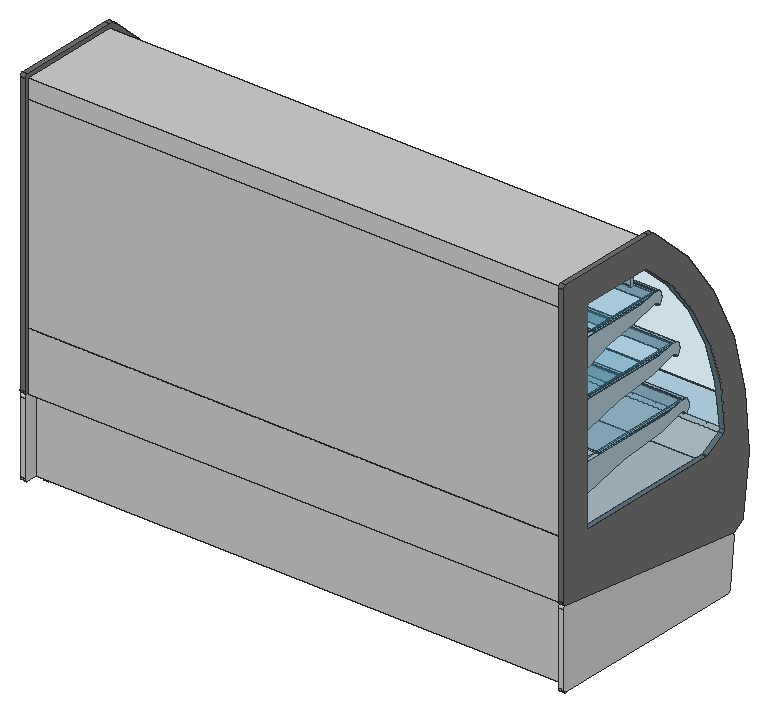
Revit family "QF_INFRICO_VBR18SS_250814034044", category Specialty Equipment, Revit 2021
Family settings
  Round Connector Dimension = Use Diameter
  Part Type = Normal
  OmniClass Number = 23.40.40.14
  OmniClass Title = Food Service Equipment
  Work Plane-Based = No
  Always vertical = Yes
  Cut with Voids When Loaded = No
  Shared = No
  Room Calculation Point = No
Parameters (values of type "VBR18SS")
  Weight [instance] = 0.00 kg
  Warranty Start Date [instance] = ""
  Warranty Duration [instance] = ""
  Volts [instance] = 230 V
  Volt Free Conn [instance] = no
  URL Recommended Spares List [instance] = ""
  URL Manufacturer [instance] = ""
  URL Cutsheet [instance] = ""
  URL Critical Spares List [instance] = ""
  URL = "www.infrico.com"
  Technical Documentation [instance] = ""
  Tag Number [instance] = ""
  Status [instance] = ""
  Start Up Current [instance] = 0 A
  Specification by User [instance] = ""
  Specification by Manufacturer [instance] = ""
  Sound Level [instance] = ""
  Show Logo [instance] = yes
  Show Clearances [instance] = yes
  Service Life Duration [instance] = ""
  Serial Number [instance] = ""
  Seismic Rating [instance] = ""
  SMACNA No [instance] = ""
  Revision Code [instance] = ""
  Revision [instance] = ""
  Production Year [instance] = ""
  Potential Equalisation [instance] = no
  Point Load [instance] = 0
  Phase [instance] = 1
  Other Equipment Approvals [instance] = ""
  Operational Current [instance] = 0 A
  Number of Poles [instance] = 2
  No Load Power Draw [instance] = no
  NAFEM Spec ID Number [instance] = ""
  Model Warning [instance] = ""
  Model = "VBR18SS"
  Min Ckt Ampacity [instance] = 0 A
  Max Overcurrent Protection [instance] = 0 A
  Masterspec [instance] = ""
  Manufacturer = "INFRICO"
  Main switch integrated [instance] = no
  Length Actual [instance] = 1875.028 mm
  Item Number [instance] = ""
  Installed By [instance] = ""
  Installation Date [instance] = ""
  Identify Quantity as Lot [instance] = no
  ID [instance] = ""
  Hygiene Approval [instance] = ""
  Height Actual [instance] = 1299.972 mm
  HP power [instance] = ""
  Furnished By [instance] = ""
  Foodservice Equipment Identifier [instance] = no
  FL Amps [instance] = 0 A
  Electrical Remarks [instance] = ""
  Electric power [instance] = 1340 W
  Electric Connection Type [instance] = ""
  Elec Conn RI Height [instance] = 0 mm
  Elec Conn Connection Height [instance] = 0 mm
  ETL Approved [instance] = no
  Description = "AMBAR SERIES - SELF SERVICE PASTRY DISPLAY CASE - R452"
  Depth Actual [instance] = 810.006 mm
  Default Elevation = 0 mm
  Cycle [instance] = 50 Hz
  Cost = 0
  Connection to energy optimisation system [instance] = yes
  Conn Plug [instance] = ""
  Conn Conduit [instance] = no
  Centralized building control system with digital interface [instance] = ""
  CSI MasterFormat [instance] = ""
  CE Approved [instance] = no
  Barcode [instance] = 0
  Author [instance] = ""
  Asset Identifier [instance] = ""
  Apparent Power [instance] = 1340 VA
  Accessory [instance] = no
Reference planes
  plane 1 "Center (Front/Back)": y = 0
  plane 2: z = 0
  plane 3 "Center (Left/Right)": x = 0
Forms (mm)
  Extrusion 1, solid, not visible
    sketch origin (0, 0, 2) x (1, 0, 0) y (0, 1, 0)
      loop
        line (-2, 2) -> (-2, -2) -> (2, -2) -> (2, 2) -> (-2, 2)
    from -2 to 2
Dimensions and locks
  locked: nested 2 to Extrusion 1 at 2  (x2)
  aligned and locked: level to plane 2
Nested families
  nested 1: "QF_INFRICO_VBR18SS_2920" at (0, 0, 0), type "VBR18SS"
    with Weight 0.00 kg, Warranty Start Date "", Warranty Duration "", URL Cutsheet "", Technical Documentation "", Tag Number "", Status "", Specification by User "", Specification by Manufacturer "", Sound Level "", Solid Fuel Type "", Show Logo yes, Show Clearances yes, Show Clearance yes, Service Life Duration "", Serial Number "", Seismic Rating "", SMACNA No "", Revision Code "", Revision "", Production Year "", Point Load 0, Other Equipment Approvals "", NAFEM Spec ID Number "", Model Warning "", Masterspec "", Length Actual 1875.028 mm, Item Number "", Installed By "", Installation Date "", Identify Quantity as Lot yes, ID "", Hygiene Approval "", Height Actual 1299.972 mm, Furnished By "", Foodservice Equipment Identifier yes, Finish none, ETL Approved yes, Depth Actual 810.006 mm, CSI MasterFormat "", CE Approved no, Barcode "", Author "", Asset Identifier "", Accessory no
  nested 2: "CONN_POINT_ELE_2D___Generic_Annotation" at (0, 0, 0), type "CONN_POINT_ELE_2D___Generic_Annotation"
    with Onboard connection annotation symbol visibility yes
Connectors
  electrical at (0, 0, 0), driven by "Apparent Power", driven by "Number of Poles", driven by "Volts"
    settings: on Extrusion 1, index 1, voltage 230 V, apparent load 0 VA, apparent load phase1 1340 VA, apparent load phase2 0 VA, apparent load phase3 0 VA, power factor 1, load classification "Other", number of poles 2, system type 31, power factor state 1, is connector primary yes, connector utility no, sub classification motor no, connector description "Electrical connection for VBR18SS"
Definition of nested family "QF_INFRICO_VBR18SS_2920"
  Parameters (values of type "VBR18SS")
    Weight [instance] = 0.00 kg
    Warranty Start Date [instance] = ""
    Warranty Duration [instance] = ""
    URL Cutsheet [instance] = ""
    URL = "www.infrico.com"
    Technical Documentation [instance] = ""
    Tag Number [instance] = ""
    Status [instance] = ""
    Specification by User [instance] = ""
    Specification by Manufacturer [instance] = ""
    Sound Level [instance] = ""
    Solid Fuel Type [instance] = ""
    Show Logo [instance] = yes
    Show Clearances [instance] = yes
    Show Clearance [instance] = yes
    Service Life Duration [instance] = ""
    Serial Number [instance] = ""
    Seismic Rating [instance] = ""
    SMACNA No [instance] = ""
    Revision Code [instance] = ""
    Revision [instance] = ""
    Production Year [instance] = ""
    Point Load [instance] = 0
    Other Equipment Approvals [instance] = ""
    NAFEM Spec ID Number [instance] = ""
    Model Warning [instance] = ""
    Model = "VBR18SS"
    Masterspec [instance] = ""
    Manufacturer = "INFRICO"
    Length Actual [instance] = 0 mm
    Item Number [instance] = ""
    Installed By [instance] = ""
    Installation Date [instance] = ""
    Identify Quantity as Lot [instance] = yes
    ID [instance] = ""
    Hygiene Approval [instance] = ""
    Height Actual [instance] = 0 mm
    Furnished By [instance] = ""
    Foodservice Equipment Identifier [instance] = yes
    Finish [instance] = none
    ETL Approved [instance] = yes
    Description = "AMBAR SERIES - SELF SERVICE PASTRY DISPLAY CASE - R452"
    Depth Actual [instance] = 0 mm
    Default Elevation = 0 mm
    CSI MasterFormat [instance] = ""
    CE Approved [instance] = yes
    Barcode [instance] = ""
    Author [instance] = ""
    Asset Identifier [instance] = ""
    Assembly Code = "E1090320"
    Accessory [instance] = yes
  Reference planes
    plane 1 "Back": y = 0
    plane 2: z = 0
    plane 3 "Left": x = 0
    plane 4 "Right": x = 1875
    plane 5 "Front": y = -810
    plane 6 "Top": z = 1300
  Forms (mm)
    Extrusion 1, solid
      sketch origin (-18, -810.003, 0) x (0, -1, 0) y (0, 0, -1)
        loop
          line (-100, -1190) -> (-100, -498)
          arc (-100, -498) -> (-102.929, -490.929) -> (-110, -488) r 10
          line (-110, -488) -> (-627, -488)
          arc (-627, -488) -> (-629.55, -488.252) -> (-632, -489) r 13
          line (-632, -489) -> (-702, -529)
          arc (-702, -529) -> (-705.756, -532.802) -> (-707, -538) r 9.937
          arc (-707, -538) -> (-606.573, -907.925) -> (-356, -1198) r 864.001
          arc (-356, -1198) -> (-353.158, -1199.473) -> (-350, -1200) r 10.273
          line (-350, -1200) -> (-110, -1200)
          arc (-110, -1200) -> (-102.929, -1197.071) -> (-100, -1190) r 10
      from 0 to 18
    Extrusion 2, solid
      sketch origin (-18, -810.003, 0) x (0, -1, 0) y (0, 0, -1)
        loop
          arc (-110, -1200) -> (-102.929, -1197.071) -> (-100, -1190) r 10
          line (-100, -1190) -> (-100, -498)
          arc (-100, -498) -> (-102.929, -490.929) -> (-110, -488) r 10
          line (-110, -488) -> (-627, -488)
          arc (-627, -488) -> (-629.55, -488.252) -> (-632, -489) r 13
          line (-632, -489) -> (-702, -529)
          arc (-702, -529) -> (-705.756, -532.802) -> (-707, -538) r 9.937
          arc (-707, -538) -> (-606.573, -907.925) -> (-356, -1198) r 864.001
          arc (-356, -1198) -> (-353.158, -1199.473) -> (-350, -1200) r 10.273
          line (-350, -1200) -> (-110, -1200)
        loop
          arc (-739, -197) -> (-742.074, -197.055) -> (-745, -198) r 10.476
          line (-745, -198) -> (-782, -219)
          arc (-782, -219) -> (-785.127, -222.608) -> (-787, -227) r 15.422
          arc (-787, -227) -> (-745, -815.202) -> (-398, -1292) r 1070.947
          arc (-398, -1292) -> (-385.08, -1297.958) -> (-371, -1300) r 49.563
          line (-371, -1300) -> (-10, -1300)
          arc (-10, -1300) -> (-2.929, -1297.071) -> (0, -1290) r 10
          line (0, -1290) -> (0, -302)
          arc (0, -302) -> (-2.651, -295.335) -> (-9, -292) r 10.337
          line (-9, -292) -> (-739, -197)
      from 0 to 18
    Extrusion 3, solid
      sketch origin (1875, -810.003, 0) x (0, -1, 0) y (0, 0, -1)
        loop
          line (-100, -1190) -> (-100, -498)
          arc (-100, -498) -> (-102.929, -490.929) -> (-110, -488) r 10
          line (-110, -488) -> (-627, -488)
          arc (-627, -488) -> (-629.55, -488.252) -> (-632, -489) r 13
          line (-632, -489) -> (-702, -529)
          arc (-702, -529) -> (-705.756, -532.802) -> (-707, -538) r 9.937
          arc (-707, -538) -> (-606.573, -907.925) -> (-356, -1198) r 864.001
          arc (-356, -1198) -> (-353.158, -1199.473) -> (-350, -1200) r 10.273
          line (-350, -1200) -> (-110, -1200)
          arc (-110, -1200) -> (-102.929, -1197.071) -> (-100, -1190) r 10
      from 0 to 18
    Extrusion 4, solid
      sketch origin (1875, -810.003, 0) x (0, -1, 0) y (0, 0, -1)
        loop
          arc (-110, -1200) -> (-102.929, -1197.071) -> (-100, -1190) r 10
          line (-100, -1190) -> (-100, -498)
          arc (-100, -498) -> (-102.929, -490.929) -> (-110, -488) r 10
          line (-110, -488) -> (-627, -488)
          arc (-627, -488) -> (-629.55, -488.252) -> (-632, -489) r 13
          line (-632, -489) -> (-702, -529)
          arc (-702, -529) -> (-705.756, -532.802) -> (-707, -538) r 9.937
          arc (-707, -538) -> (-606.573, -907.925) -> (-356, -1198) r 864.001
          arc (-356, -1198) -> (-353.158, -1199.473) -> (-350, -1200) r 10.273
          line (-350, -1200) -> (-110, -1200)
        loop
          arc (-739, -197) -> (-742.074, -197.055) -> (-745, -198) r 10.476
          line (-745, -198) -> (-782, -219)
          arc (-782, -219) -> (-785.127, -222.608) -> (-787, -227) r 15.422
          arc (-787, -227) -> (-745, -815.202) -> (-398, -1292) r 1070.947
          arc (-398, -1292) -> (-385.08, -1297.958) -> (-371, -1300) r 49.563
          line (-371, -1300) -> (-10, -1300)
          arc (-10, -1300) -> (-2.929, -1297.071) -> (0, -1290) r 10
          line (0, -1290) -> (0, -302)
          arc (0, -302) -> (-2.651, -295.335) -> (-9, -292) r 10.337
          line (-9, -292) -> (-739, -197)
      from 0 to 18
    Extrusion 5, solid, material <- "Finish"
      sketch origin (0, -810.003, -1) x (0, -1, 0) y (0, 0, -1)
        loop
          line (-739, -198) -> (-9, -293)
          arc (-9, -293) -> (-2.391, -289.898) -> (0, -283) r 9.392
          line (0, -283) -> (0, -29)
          arc (0, -29) -> (-2.929, -21.929) -> (-10, -19) r 10
          line (-10, -19) -> (-718, -19)
          arc (-718, -19) -> (-725.332, -22.2) -> (-727.972, -29.752) r 10
          line (-727.972, -29.752) -> (-746, -188)
          arc (-746, -188) -> (-744.394, -194.326) -> (-739, -198) r 9.212
      from -18 to 0
    Extrusion 6, solid, material <- "Finish"
      sketch origin (1893, -810.003, -1) x (0, -1, 0) y (0, 0, -1)
        loop
          line (-739, -198) -> (-9, -293)
          arc (-9, -293) -> (-2.391, -289.898) -> (0, -283) r 9.392
          line (0, -283) -> (0, -29)
          arc (0, -29) -> (-2.929, -21.929) -> (-10, -19) r 10
          line (-10, -19) -> (-718, -19)
          arc (-718, -19) -> (-725.332, -22.2) -> (-727.972, -29.752) r 10
          line (-727.972, -29.752) -> (-746, -188)
          arc (-746, -188) -> (-744.394, -194.326) -> (-739, -198) r 9.212
      from -18 to 0
    Extrusion 7, solid
      sketch origin (0, -750.003, 9) x (1, 0, 0) y (0, 1, 0)
        loop
          line (0, -0.02) -> (40, -0.02) -> (40, 39.98) -> (0, 39.98) -> (0, -0.02)
      from 0 to 9
    Extrusion 8, solid
      sketch origin (0, -170.003, 9) x (1, 0, 0) y (0, 1, 0)
        loop
          line (0, -0.02) -> (40, -0.02) -> (40, 39.98) -> (0, 39.98) -> (0, -0.02)
      from 0 to 9
    Extrusion 9, solid
      sketch origin (-898.549, 112.977, 0) x (-1, 0, 0) y (0, -1, 0)
        loop
          line (-903.549, 843) -> (-911.049, 855.99) -> (-926.049, 855.99) -> (-933.549, 843) -> (-926.049, 830.01) -> (-911.049, 830.01) -> (-903.549, 843)
      from 0 to 9
    Extrusion 10, solid
      sketch origin (-898.549, 692.977, 0) x (-1, 0, 0) y (0, -1, 0)
        loop
          line (-903.549, 843) -> (-911.049, 855.99) -> (-926.049, 855.99) -> (-933.549, 843) -> (-926.049, 830.01) -> (-911.049, 830.01) -> (-903.549, 843)
      from 0 to 9
    Extrusion 11, solid
      sketch origin (1835, -750.003, 9) x (1, 0, 0) y (0, 1, 0)
        loop
          line (0, -0.02) -> (40, -0.02) -> (40, 39.98) -> (0, 39.98) -> (0, -0.02)
      from 0 to 9
    Extrusion 12, solid
      sketch origin (1835, -170.003, 9) x (1, 0, 0) y (0, 1, 0)
        loop
          line (0, -0.02) -> (40, -0.02) -> (40, 39.98) -> (0, 39.98) -> (0, -0.02)
      from 0 to 9
    Extrusion 13, solid
      sketch origin (936.451, 112.977, 0) x (-1, 0, 0) y (0, -1, 0)
        loop
          line (-903.549, 843) -> (-911.049, 855.99) -> (-926.049, 855.99) -> (-933.549, 843) -> (-926.049, 830.01) -> (-911.049, 830.01) -> (-903.549, 843)
      from 0 to 9
    Extrusion 14, solid
      sketch origin (936.451, 692.977, 0) x (-1, 0, 0) y (0, -1, 0)
        loop
          line (-903.549, 843) -> (-911.049, 855.99) -> (-926.049, 855.99) -> (-933.549, 843) -> (-926.049, 830.01) -> (-911.049, 830.01) -> (-903.549, 843)
      from 0 to 9
    Extrusion 15, solid
      sketch origin (0, -810.003, 0) x (0, -1, 0) y (0, 0, -1)
        loop
          line (-59.98, -18) -> (-679.98, -18) -> (-679.98, -293) -> (-59.98, -293) -> (-59.98, -18)
      from 0 to 40
    Extrusion 16, solid
      sketch origin (1835, -810.003, 0) x (0, -1, 0) y (0, 0, -1)
        loop
          line (-59.98, -18) -> (-679.98, -18) -> (-679.98, -293) -> (-59.98, -293) -> (-59.98, -18)
      from 0 to 40
    Extrusion 17, solid
      sketch origin (0, -810.003, 0) x (0, -1, 0) y (0, 0, -1)
        loop
          line (-59.98, -18) -> (-59.98, -293) -> (-44.98, -293) -> (-44.98, -18) -> (-59.98, -18)
      from 0 to 1875
    Extrusion 18, solid
      sketch origin (0, -810.003, 0) x (0, -1, 0) y (0, 0, -1)
        loop
          line (-679.98, -278) -> (-679.98, -38) -> (-719.98, -38) -> (-719.98, -278) -> (-679.98, -278)
      from 0 to 40
    Extrusion 19, solid
      sketch origin (1835, -810.003, 0) x (0, -1, 0) y (0, 0, -1)
        loop
          line (-679.98, -278) -> (-679.98, -38) -> (-719.98, -38) -> (-719.98, -278) -> (-679.98, -278)
      from 0 to 40
    Extrusion 20, solid
      sketch origin (0, -810.003, 0) x (0, -1, 0) y (0, 0, -1)
        loop
          line (-9.98, -293) -> (-759.98, -293) -> (-759.98, -471) -> (-747.98, -471) -> (-747.98, -448) -> (-70.98, -448) -> (-70.98, -502) -> (-9.98, -502) -> (-9.98, -293)
      from 0 to 1875
    Extrusion 21, solid
      sketch origin (0, -810.003, 0) x (0, -1, 0) y (0, 0, -1)
        loop
          line (-747.98, -471) -> (-741.98, -471) -> (-741.98, -515) -> (-719.98, -515) -> (-628.98, -468) -> (-628.98, -448) -> (-630.98, -448) -> (-630.98, -466.782) -> (-720.466, -513) -> (-739.98, -513) -> (-739.98, -469) -> (-747.98, -469) -> (-747.98, -471)
      from 0 to 1875
    Extrusion 22, solid
      sketch origin (0, -810.003, 0) x (0, -1, 0) y (0, 0, -1)
        loop
          line (-626.98, -448) -> (-626.98, -469) -> (-121.98, -469) -> (-121.98, -448) -> (-626.98, -448)
      from 0 to 1875
    Extrusion 23, solid
      sketch origin (0, -810.003, 0) x (0, -1, 0) y (0, 0, -1)
        loop
          line (-110.98, -448) -> (-110.98, -1222) -> (-70.98, -1222) -> (-70.98, -448) -> (-110.98, -448)
      from 0 to 50
    Extrusion 24, solid
      sketch origin (1825, -810.003, 0) x (0, -1, 0) y (0, 0, -1)
        loop
          line (-110.98, -448) -> (-110.98, -1222) -> (-70.98, -1222) -> (-70.98, -448) -> (-110.98, -448)
      from 0 to 50
    Extrusion 25, solid
      sketch origin (1797, -810.003, 0) x (0, -1, 0) y (0, 0, -1)
        loop
          line (-9.98, -502) -> (-70.98, -502) -> (-70.98, -1222) -> (-9.98, -1222) -> (-9.98, -502)
      from -1797 to 78
    Extrusion 26, solid
      sketch origin (0, -810.003, 0) x (0, -1, 0) y (0, 0, -1)
        loop
          line (-9.98, -1288) -> (-9.98, -1222) -> (-288.98, -1222) -> (-288.98, -1276) -> (-353.98, -1276) -> (-353.98, -1260.029) -> (-372.98, -1241.029) -> (-372.98, -1229) -> (-354.98, -1229) -> (-354.98, -1217) -> (-384.98, -1217) -> (-384.98, -1246) -> (-365.98, -1265) -> (-365.98, -1288) -> (-9.98, -1288)
      from 0 to 1875
    Extrusion 27, solid
      sketch origin (0, -810.003, 0) x (0, -1, 0) y (0, 0, -1)
        loop
          line (-741.98, -621) -> (-741.98, -471) -> (-747.98, -471) -> (-747.98, -621) -> (-741.98, -621)
      from 0 to 937.5
    Extrusion 28, solid
      sketch origin (-510, -1507.887, 385.642) x (0, -0.939923, 0.341387) y (0, -0.341387, -0.939923)
        loop
          line (-1441.281, -155.749) -> (-1438.55, -163.269) -> (-1412.756, -181.562) -> (-1410.024, -189.081) -> (-1408.109, -188.385) -> (-1411.111, -180.118) -> (-1436.703, -162.496) -> (-1439.401, -155.067) -> (-1441.281, -155.749)
        loop
          line (-1423.188, -205.565) -> (-1420.457, -213.085) -> (-1394.662, -231.378) -> (-1391.931, -238.897) -> (-1390.015, -238.201) -> (-1393.018, -229.934) -> (-1418.61, -212.312) -> (-1421.308, -204.883) -> (-1423.188, -205.565)
      from 550 to 2345
    Extrusion 29, solid
      sketch origin (3, -810.003, 87) x (0, -1, 0) y (0, 0, -1)
        loop
          line (-110.98, -498) -> (-126.98, -498)
          arc (-126.98, -498) -> (-289.514, -532.928) -> (-454.98, -549) r 1448.355
          line (-454.98, -549) -> (-547.98, -574)
          arc (-547.98, -574) -> (-550.743, -573.659) -> (-552.98, -572) r 5.461
          line (-552.98, -572) -> (-560.98, -562)
          arc (-560.98, -562) -> (-563.98, -560.5) -> (-566.98, -562) r 3.75
          arc (-566.98, -562) -> (-573.98, -583) -> (-566.98, -604) r 35
          arc (-566.98, -604) -> (-565.216, -605.472) -> (-562.98, -606) r 5
          line (-562.98, -606) -> (-544.98, -606) -> (-487.98, -595) -> (-110.98, -595) -> (-110.98, -498)
      from 0 to 2
    Extrusion 30, solid
      sketch origin (3, -810.003, 283) x (0, -1, 0) y (0, 0, -1)
        loop
          line (-110.98, -498) -> (-126.98, -498)
          arc (-126.98, -498) -> (-269.288, -533.055) -> (-414.98, -549) r 1106.867
          line (-414.98, -549) -> (-507.98, -574)
          arc (-507.98, -574) -> (-510.743, -573.659) -> (-512.98, -572) r 5.461
          line (-512.98, -572) -> (-520.98, -562)
          arc (-520.98, -562) -> (-523.98, -560.5) -> (-526.98, -562) r 3.75
          arc (-526.98, -562) -> (-533.98, -583) -> (-526.98, -604) r 35
          arc (-526.98, -604) -> (-525.216, -605.472) -> (-522.98, -606) r 5
          line (-522.98, -606) -> (-504.98, -606) -> (-447.98, -595) -> (-110.98, -595) -> (-110.98, -498)
      from 0 to 2
    Extrusion 31, solid
      sketch origin (3, -810.003, 479) x (0, -1, 0) y (0, 0, -1)
        loop
          line (-110.98, -498) -> (-126.98, -498)
          arc (-126.98, -498) -> (-228.381, -534.099) -> (-334.98, -549) r 530.828
          line (-334.98, -549) -> (-427.98, -574)
          arc (-427.98, -574) -> (-430.743, -573.659) -> (-432.98, -572) r 5.461
          line (-432.98, -572) -> (-440.98, -562)
          arc (-440.98, -562) -> (-443.98, -560.5) -> (-446.98, -562) r 3.75
          arc (-446.98, -562) -> (-453.98, -583) -> (-446.98, -604) r 35
          arc (-446.98, -604) -> (-445.216, -605.472) -> (-442.98, -606) r 5
          line (-442.98, -606) -> (-424.98, -606) -> (-367.98, -595) -> (-110.98, -595) -> (-110.98, -498)
      from 0 to 2
    Extrusion 32, solid
      sketch origin (0, -810.003, 0) x (0, -1, 0) y (0, 0, -1)
        loop
          line (-183.98, -682) -> (-558.98, -682) -> (-558.98, -688) -> (-183.98, -688) -> (-183.98, -682)
      from 5 to 1870
    Extrusion 33, solid
      sketch origin (0, -850.003, 196) x (0, -1, 0) y (0, 0, -1)
        loop
          line (-183.98, -682) -> (-558.98, -682) -> (-558.98, -688) -> (-183.98, -688) -> (-183.98, -682)
      from 5 to 1870
    Extrusion 34, solid
      sketch origin (0, -830.003, 392) x (0, -1, 0) y (0, 0, -1)
        loop
          line (-183.98, -682) -> (-458.98, -682) -> (-458.98, -688) -> (-183.98, -688) -> (-183.98, -682)
      from 5 to 1870
    Extrusion 35, solid
      sketch origin (0, -810.003, 0) x (0, -1, 0) y (0, 0, -1)
        loop
          arc (-566.98, -691) -> (-565.216, -692.472) -> (-562.98, -693) r 5
          arc (-562.98, -693) -> (-561.498, -690.693) -> (-560.98, -688) r 7.25
          line (-560.98, -688) -> (-560.98, -649)
          arc (-560.98, -649) -> (-563.98, -647.5) -> (-566.98, -649) r 3.75
          arc (-566.98, -649) -> (-573.98, -670) -> (-566.98, -691) r 35
      from 5 to 1870
    Extrusion 36, solid
      sketch origin (0, -850.003, 196) x (0, -1, 0) y (0, 0, -1)
        loop
          arc (-566.98, -691) -> (-565.216, -692.472) -> (-562.98, -693) r 5
          arc (-562.98, -693) -> (-561.498, -690.693) -> (-560.98, -688) r 7.25
          line (-560.98, -688) -> (-560.98, -649)
          arc (-560.98, -649) -> (-563.98, -647.5) -> (-566.98, -649) r 3.75
          arc (-566.98, -649) -> (-573.98, -670) -> (-566.98, -691) r 35
      from 5 to 1870
    Extrusion 37, solid
      sketch origin (0, -930.003, 392) x (0, -1, 0) y (0, 0, -1)
        loop
          arc (-566.98, -691) -> (-565.216, -692.472) -> (-562.98, -693) r 5
          arc (-562.98, -693) -> (-561.498, -690.693) -> (-560.98, -688) r 7.25
          line (-560.98, -688) -> (-560.98, -649)
          arc (-560.98, -649) -> (-563.98, -647.5) -> (-566.98, -649) r 3.75
          arc (-566.98, -649) -> (-573.98, -670) -> (-566.98, -691) r 35
      from 5 to 1870
    Extrusion 38, solid
      sketch origin (21, -810.003, 479) x (0, -1, 0) y (0, 0, -1)
        loop
          line (-110.98, -498) -> (-126.98, -498)
          arc (-126.98, -498) -> (-228.381, -534.099) -> (-334.98, -549) r 530.828
          line (-334.98, -549) -> (-427.98, -574)
          arc (-427.98, -574) -> (-430.743, -573.659) -> (-432.98, -572) r 5.461
          line (-432.98, -572) -> (-440.98, -562) -> (-440.98, -595) -> (-110.98, -595) -> (-110.98, -498)
      from 0 to 2
    Extrusion 39, solid
      sketch origin (0, -810.003, 0) x (0, -1, 0) y (0, 0, -1)
        loop
          line (-110.98, -1074) -> (-110.98, -1072) -> (-440.98, -1072) -> (-440.98, -1074) -> (-110.98, -1074)
      from 5 to 21
    Extrusion 40, solid
      sketch origin (21, -810.003, 283) x (0, -1, 0) y (0, 0, -1)
        loop
          line (-110.98, -498) -> (-126.98, -498)
          arc (-126.98, -498) -> (-269.288, -533.055) -> (-414.98, -549) r 1106.867
          line (-414.98, -549) -> (-507.98, -574)
          arc (-507.98, -574) -> (-510.743, -573.659) -> (-512.98, -572) r 5.461
          line (-512.98, -572) -> (-520.98, -562) -> (-520.98, -595) -> (-110.98, -595) -> (-110.98, -498)
      from 0 to 2
    Extrusion 41, solid
      sketch origin (0, -810.003, -196) x (0, -1, 0) y (0, 0, -1)
        loop
          line (-110.98, -1074) -> (-110.98, -1072) -> (-520.98, -1072) -> (-520.98, -1074) -> (-110.98, -1074)
      from 5 to 21
    Extrusion 42, solid
      sketch origin (21, -810.003, 87) x (0, -1, 0) y (0, 0, -1)
        loop
          line (-110.98, -498) -> (-126.98, -498)
          arc (-126.98, -498) -> (-289.514, -532.928) -> (-454.98, -549) r 1448.355
          line (-454.98, -549) -> (-547.98, -574)
          arc (-547.98, -574) -> (-550.743, -573.659) -> (-552.98, -572) r 5.461
          line (-552.98, -572) -> (-560.98, -562) -> (-560.98, -595) -> (-110.98, -595) -> (-110.98, -498)
      from 0 to 2
    Extrusion 43, solid
      sketch origin (0, -810.003, -392) x (0, -1, 0) y (0, 0, -1)
        loop
          line (-110.98, -1074) -> (-110.98, -1072) -> (-560.98, -1072) -> (-560.98, -1074) -> (-110.98, -1074)
      from 5 to 21
    Extrusion 44, solid
      sketch origin (1872, -810.003, 87) x (0, -1, 0) y (0, 0, 1)
        loop
          line (-110.98, 498) -> (-110.98, 595) -> (-487.98, 595) -> (-544.98, 606) -> (-562.98, 606)
          arc (-562.98, 606) -> (-565.216, 605.472) -> (-566.98, 604) r 5
          arc (-566.98, 604) -> (-573.98, 583) -> (-566.98, 562) r 35
          arc (-566.98, 562) -> (-563.98, 560.5) -> (-560.98, 562) r 3.75
          line (-560.98, 562) -> (-552.98, 572)
          arc (-552.98, 572) -> (-550.743, 573.659) -> (-547.98, 574) r 5.461
          line (-547.98, 574) -> (-454.98, 549)
          arc (-454.98, 549) -> (-289.514, 532.928) -> (-126.98, 498) r 1448.355
          line (-126.98, 498) -> (-110.98, 498)
      from 0 to 2
    Extrusion 45, solid
      sketch origin (1872, -810.003, 283) x (0, -1, 0) y (0, 0, 1)
        loop
          line (-110.98, 498) -> (-110.98, 595) -> (-447.98, 595) -> (-504.98, 606) -> (-522.98, 606)
          arc (-522.98, 606) -> (-525.216, 605.472) -> (-526.98, 604) r 5
          arc (-526.98, 604) -> (-533.98, 583) -> (-526.98, 562) r 35
          arc (-526.98, 562) -> (-523.98, 560.5) -> (-520.98, 562) r 3.75
          line (-520.98, 562) -> (-512.98, 572)
          arc (-512.98, 572) -> (-510.743, 573.659) -> (-507.98, 574) r 5.461
          line (-507.98, 574) -> (-414.98, 549)
          arc (-414.98, 549) -> (-269.288, 533.055) -> (-126.98, 498) r 1106.867
          line (-126.98, 498) -> (-110.98, 498)
      from 0 to 2
    Extrusion 46, solid
      sketch origin (1872, -810.003, 479) x (0, -1, 0) y (0, 0, 1)
        loop
          line (-110.98, 498) -> (-110.98, 595) -> (-367.98, 595) -> (-424.98, 606) -> (-442.98, 606)
          arc (-442.98, 606) -> (-445.216, 605.472) -> (-446.98, 604) r 5
          arc (-446.98, 604) -> (-453.98, 583) -> (-446.98, 562) r 35
          arc (-446.98, 562) -> (-443.98, 560.5) -> (-440.98, 562) r 3.75
          line (-440.98, 562) -> (-432.98, 572)
          arc (-432.98, 572) -> (-430.743, 573.659) -> (-427.98, 574) r 5.461
          line (-427.98, 574) -> (-334.98, 549)
          arc (-334.98, 549) -> (-228.381, 534.099) -> (-126.98, 498) r 530.828
          line (-126.98, 498) -> (-110.98, 498)
      from 0 to 2
    Extrusion 47, solid
      sketch origin (1854, -810.003, 479) x (0, -1, 0) y (0, 0, 1)
        loop
          line (-110.98, 498) -> (-110.98, 595) -> (-440.98, 595) -> (-440.98, 562) -> (-432.98, 572)
          arc (-432.98, 572) -> (-430.743, 573.659) -> (-427.98, 574) r 5.461
          line (-427.98, 574) -> (-334.98, 549)
          arc (-334.98, 549) -> (-228.381, 534.099) -> (-126.98, 498) r 530.828
          line (-126.98, 498) -> (-110.98, 498)
      from 0 to 2
    Extrusion 48, solid
      sketch origin (1875, -810.003, 0) x (0, -1, 0) y (0, 0, 1)
        loop
          line (-110.98, 1074) -> (-440.98, 1074) -> (-440.98, 1072) -> (-110.98, 1072) -> (-110.98, 1074)
      from 5 to 21
    Extrusion 49, solid
      sketch origin (1854, -810.003, 283) x (0, -1, 0) y (0, 0, 1)
        loop
          line (-110.98, 498) -> (-110.98, 595) -> (-520.98, 595) -> (-520.98, 562) -> (-512.98, 572)
          arc (-512.98, 572) -> (-510.743, 573.659) -> (-507.98, 574) r 5.461
          line (-507.98, 574) -> (-414.98, 549)
          arc (-414.98, 549) -> (-269.288, 533.055) -> (-126.98, 498) r 1106.867
          line (-126.98, 498) -> (-110.98, 498)
      from 0 to 2
    Extrusion 50, solid
      sketch origin (1875, -810.003, -196) x (0, -1, 0) y (0, 0, 1)
        loop
          line (-110.98, 1074) -> (-520.98, 1074) -> (-520.98, 1072) -> (-110.98, 1072) -> (-110.98, 1074)
      from 5 to 21
    Extrusion 51, solid
      sketch origin (1854, -810.003, 87) x (0, -1, 0) y (0, 0, 1)
        loop
          line (-110.98, 498) -> (-110.98, 595) -> (-560.98, 595) -> (-560.98, 562) -> (-552.98, 572)
          arc (-552.98, 572) -> (-550.743, 573.659) -> (-547.98, 574) r 5.461
          line (-547.98, 574) -> (-454.98, 549)
          arc (-454.98, 549) -> (-289.514, 532.928) -> (-126.98, 498) r 1448.355
          line (-126.98, 498) -> (-110.98, 498)
      from 0 to 2
    Extrusion 52, solid
      sketch origin (1875, -810.003, -392) x (0, -1, 0) y (0, 0, 1)
        loop
          line (-110.98, 1074) -> (-560.98, 1074) -> (-560.98, 1072) -> (-110.98, 1072) -> (-110.98, 1074)
      from 5 to 21
    Extrusion 53, solid
      sketch origin (0, -810.003, 0) x (0, -1, 0) y (0, 0, -1)
        loop
          line (-59.98, -18) -> (-99.98, -18) -> (-99.98, -38) -> (-59.98, -38) -> (-59.98, -18)
      from 40 to 1835
    Extrusion 54, solid
      sketch origin (0, -230.003, 0) x (0, -1, 0) y (0, 0, -1)
        loop
          line (-59.98, -18) -> (-99.98, -18) -> (-99.98, -38) -> (-59.98, -38) -> (-59.98, -18)
      from 40 to 1835
    Extrusion 55, solid, material <- "Finish"
      sketch origin (0, -810.003, 0) x (0, -1, 0) y (0, 0, -1)
        loop
          line (-769.98, -438) -> (-759.945, -218.229) -> (-778.925, -217.362) -> (-788.96, -437.133) -> (-769.98, -438)
      from 0 to 1875
    Extrusion 56, solid
      sketch origin (0, -810.003, 0) x (0, -1, 0) y (0, 0, -1)
        loop
          line (-747.98, -471) -> (-759.98, -471) -> (-789.173, -441.806) -> (-788.489, -426.822) -> (-790.487, -426.731) -> (-791.212, -442.597) -> (-760.808, -473) -> (-747.98, -473) -> (-747.98, -471)
      from 0 to 1875
    Extrusion 57, solid, visible <- "Show Logo"
      sketch origin (1362.72, -52.93, -305.042) x (-1, 0, 0) y (0, -0.045615, -0.998959)
        loop
          line (1208.799, -696.53) -> (1204.173, -696.53) -> (1204.173, -719.204) -> (1208.799, -719.204) -> (1208.799, -696.53)
        loop
          arc (1214.779, -713.006) -> (1215.36, -712.765) -> (1215.601, -712.184) r 0.822
          line (1215.601, -712.184) -> (1215.669, -711.361)
          arc (1215.669, -711.361) -> (1218.282, -712.674) -> (1221.141, -713.281) r 11.435
          arc (1221.141, -713.281) -> (1224.637, -712.075) -> (1226.121, -708.689) r 4.607
          line (1226.121, -708.689) -> (1226.121, -696.53) -> (1221.598, -696.53) -> (1221.598, -707.557)
          arc (1221.598, -707.557) -> (1220.929, -708.961) -> (1219.417, -709.324) r 1.806
          arc (1219.417, -709.324) -> (1217.528, -708.741) -> (1215.772, -707.832) r 11.052
          line (1215.772, -707.832) -> (1215.772, -696.53) -> (1211.283, -696.53) -> (1211.283, -713.006) -> (1214.779, -713.006)
        loop
          line (1238.557, -720.102) -> (1238.557, -717.255)
          arc (1238.557, -717.255) -> (1238.306, -716.65) -> (1237.7, -716.399) r 0.857
          line (1237.7, -716.399) -> (1236.045, -716.271)
          arc (1236.045, -716.271) -> (1234.956, -715.705) -> (1234.547, -714.548) r 1.67
          line (1234.547, -714.548) -> (1234.547, -712.938) -> (1238.249, -712.938) -> (1238.249, -709.374) -> (1234.547, -709.374) -> (1234.547, -696.53) -> (1230.024, -696.53) -> (1230.024, -709.374) -> (1227.351, -709.374) -> (1227.351, -712.703) -> (1230.024, -712.909) -> (1230.024, -715.062)
          arc (1230.024, -715.062) -> (1230.805, -717.616) -> (1232.881, -719.297) r 4.567
          arc (1232.881, -719.297) -> (1235.052, -719.926) -> (1237.306, -720.102) r 11.103
          line (1237.306, -720.102) -> (1238.557, -720.102)
        loop
          line (1239.479, -713.006) -> (1243.726, -713.006) -> (1243.899, -710.984)
          arc (1243.899, -710.984) -> (1246.197, -712.588) -> (1248.912, -713.28) r 7.833
          arc (1248.912, -713.28) -> (1249.531, -713.061) -> (1249.793, -712.458) r 0.824
          line (1249.793, -712.458) -> (1249.793, -710.265)
          arc (1249.793, -710.265) -> (1249.643, -709.758) -> (1249.241, -709.416) r 0.928
          line (1249.241, -709.416) -> (1248.077, -709.268)
          arc (1248.077, -709.268) -> (1245.873, -708.631) -> (1243.968, -707.352) r 7.435
          line (1243.968, -707.352) -> (1243.968, -696.53) -> (1239.479, -696.53) -> (1239.479, -713.006)
        loop
          line (1255.495, -696.53) -> (1251.006, -696.53) -> (1251.006, -713.006) -> (1255.495, -713.006) -> (1255.495, -696.53)
        loop
          line (1257.421, -701.327) -> (1257.421, -708.243)
          arc (1257.421, -708.243) -> (1258.571, -711.349) -> (1261.466, -712.959) r 4.772
          arc (1261.466, -712.959) -> (1264.493, -713.294) -> (1267.521, -712.959) r 13.851
          arc (1267.521, -712.959) -> (1270.524, -710.556) -> (1271.505, -706.838) r 6.132
          line (1271.505, -706.838) -> (1267.187, -706.838) -> (1267.187, -707.9)
          arc (1267.187, -707.9) -> (1266.64, -709.118) -> (1265.442, -709.705) r 1.965
          arc (1265.442, -709.705) -> (1264.547, -709.754) -> (1263.653, -709.705) r 8.196
          arc (1263.653, -709.705) -> (1262.417, -709.155) -> (1261.91, -707.9) r 1.806
          line (1261.91, -707.9) -> (1261.91, -701.67)
          arc (1261.91, -701.67) -> (1262.417, -700.415) -> (1263.653, -699.865) r 1.806
          arc (1263.653, -699.865) -> (1264.547, -699.816) -> (1265.442, -699.865) r 8.196
          arc (1265.442, -699.865) -> (1266.64, -700.452) -> (1267.187, -701.67) r 1.965
          line (1267.187, -701.67) -> (1267.187, -703.041) -> (1271.505, -703.041)
          arc (1271.505, -703.041) -> (1270.575, -699.134) -> (1267.521, -696.525) r 6.481
          arc (1267.521, -696.525) -> (1264.493, -696.266) -> (1261.466, -696.525) r 17.816
          arc (1261.466, -696.525) -> (1258.567, -698.188) -> (1257.421, -701.327) r 4.873
        loop
          line (1272.916, -701.329) -> (1272.916, -708.242)
          arc (1272.916, -708.242) -> (1273.993, -711.226) -> (1276.726, -712.837) r 4.676
          arc (1276.726, -712.837) -> (1278.515, -713.116) -> (1280.318, -713.28) r 28.371
          arc (1280.318, -713.28) -> (1282.122, -713.116) -> (1283.911, -712.837) r 28.371
          arc (1283.911, -712.837) -> (1286.644, -711.226) -> (1287.72, -708.242) r 4.676
          line (1287.72, -708.242) -> (1287.72, -701.329)
          arc (1287.72, -701.329) -> (1286.644, -698.345) -> (1283.911, -696.734) r 4.676
          arc (1283.911, -696.734) -> (1282.122, -696.455) -> (1280.318, -696.291) r 28.371
          arc (1280.318, -696.291) -> (1278.515, -696.455) -> (1276.726, -696.734) r 28.371
          arc (1276.726, -696.734) -> (1273.993, -698.345) -> (1272.916, -701.329) r 4.676
        loop
          arc (1277.405, -707.866) -> (1277.844, -709.015) -> (1278.936, -709.58) r 1.725
          arc (1278.936, -709.58) -> (1279.627, -709.653) -> (1280.318, -709.716) r 46.133
          arc (1280.318, -709.716) -> (1281.01, -709.653) -> (1281.701, -709.58) r 46.133
          arc (1281.701, -709.58) -> (1282.793, -709.015) -> (1283.231, -707.866) r 1.725
          line (1283.231, -707.866) -> (1283.231, -701.705)
          arc (1283.231, -701.705) -> (1282.793, -700.556) -> (1281.701, -699.991) r 1.725
          arc (1281.701, -699.991) -> (1281.01, -699.918) -> (1280.318, -699.856) r 46.133
          arc (1280.318, -699.856) -> (1279.627, -699.918) -> (1278.936, -699.991) r 46.133
          arc (1278.936, -699.991) -> (1277.844, -700.556) -> (1277.405, -701.705) r 1.725
          line (1277.405, -701.705) -> (1277.405, -707.866)
        loop
          line (1190.339, -696.543) -> (1170.042, -696.543)
          arc (1170.042, -696.543) -> (1168.969, -696.987) -> (1168.525, -698.059) r 1.516
          line (1168.525, -698.059) -> (1168.525, -703.891) -> (1164.346, -703.891)
          arc (1164.346, -703.891) -> (1163.591, -704.121) -> (1163.163, -704.782) r 1.147
          line (1163.163, -704.782) -> (1163.163, -706.211)
          arc (1163.163, -706.211) -> (1163.594, -707.258) -> (1164.662, -707.634) r 1.385
          line (1164.662, -707.634) -> (1165.861, -707.634) -> (1163.163, -710.332)
          arc (1163.163, -710.332) -> (1162.776, -711.266) -> (1163.163, -712.2) r 1.321
          line (1163.163, -712.2) -> (1163.886, -712.923)
          arc (1163.886, -712.923) -> (1164.841, -713.338) -> (1165.823, -712.991) r 1.422
          line (1165.823, -712.991) -> (1168.528, -710.286) -> (1168.528, -711.479)
          arc (1168.528, -711.479) -> (1168.938, -712.516) -> (1169.946, -712.992) r 1.516
          line (1169.946, -712.992) -> (1170.867, -712.992)
          arc (1170.867, -712.992) -> (1171.87, -712.514) -> (1172.278, -711.479) r 1.516
          line (1172.278, -711.479) -> (1172.278, -706.83) -> (1178.308, -701.336) -> (1178.308, -707.509) -> (1174.742, -711.075)
          arc (1174.742, -711.075) -> (1174.328, -712.073) -> (1174.742, -713.071) r 1.412
          line (1174.742, -713.071) -> (1175.394, -713.723)
          arc (1175.394, -713.723) -> (1176.442, -714.141) -> (1177.466, -713.667) r 1.428
          line (1177.466, -713.667) -> (1178.308, -712.825) -> (1178.308, -717.784)
          arc (1178.308, -717.784) -> (1178.723, -718.787) -> (1179.726, -719.203) r 1.418
          line (1179.726, -719.203) -> (1180.655, -719.203)
          arc (1180.655, -719.203) -> (1181.658, -718.787) -> (1182.073, -717.784) r 1.418
          line (1182.073, -717.784) -> (1182.073, -712.825) -> (1182.915, -713.667)
          arc (1182.915, -713.667) -> (1183.939, -714.141) -> (1184.987, -713.723) r 1.428
          line (1184.987, -713.723) -> (1185.639, -713.071)
          arc (1185.639, -713.071) -> (1186.053, -712.073) -> (1185.639, -711.075) r 1.412
          line (1185.639, -711.075) -> (1182.073, -707.509) -> (1182.073, -701.336) -> (1188.103, -706.83) -> (1188.103, -711.479)
          arc (1188.103, -711.479) -> (1188.511, -712.514) -> (1189.514, -712.992) r 1.516
          line (1189.514, -712.992) -> (1190.435, -712.992)
          arc (1190.435, -712.992) -> (1191.443, -712.516) -> (1191.853, -711.479) r 1.516
          line (1191.853, -711.479) -> (1191.853, -710.286) -> (1194.558, -712.991)
          arc (1194.558, -712.991) -> (1195.54, -713.338) -> (1196.495, -712.923) r 1.422
          line (1196.495, -712.923) -> (1197.218, -712.2)
          arc (1197.218, -712.2) -> (1197.605, -711.266) -> (1197.218, -710.332) r 1.321
          line (1197.218, -710.332) -> (1194.52, -707.634) -> (1195.719, -707.634)
          arc (1195.719, -707.634) -> (1196.787, -707.258) -> (1197.218, -706.211) r 1.385
          line (1197.218, -706.211) -> (1197.218, -704.782)
          arc (1197.218, -704.782) -> (1196.79, -704.121) -> (1196.035, -703.891) r 1.147
          line (1196.035, -703.891) -> (1191.856, -703.891) -> (1191.856, -698.059)
          arc (1191.856, -698.059) -> (1191.411, -696.987) -> (1190.339, -696.543) r 1.516
      from 0 to 2
    Extrusion 58, solid
      sketch origin (-1000, 0, 479) x (1, 0, 0) y (0, 1, 0)
        loop
          line (1000, -699.023) -> (1050, -699.023) -> (1050, -739.023) -> (2825, -739.023) -> (2825, -699.023) -> (2875, -699.023) -> (2875, -688.023) -> (1000, -688.023) -> (1000, -699.023)
      from 0 to 2
    Extrusion 59, solid
      sketch origin (0, 0, 0) x (0, 1, 0) y (0, 0, 1)
        loop
          line (-688.023, 479) -> (-690.023, 479) -> (-690.023, 448) -> (-688.023, 448) -> (-688.023, 479)
      from 0 to 1875
    Extrusion 60, solid
      sketch origin (937.5, -810.003, 0) x (0, -1, 0) y (0, 0, -1)
        loop
          line (-741.98, -471) -> (-747.98, -471) -> (-747.98, -621) -> (-741.98, -621) -> (-741.98, -471)
      from 0 to 937.5
    Extrusion 61, solid
      sketch origin (-510, -1507.887, 385.642) x (0, -0.939923, 0.341387) y (0, -0.341387, -0.939923)
        loop
          line (-1405.094, -255.381) -> (-1402.363, -262.901) -> (-1376.569, -281.194) -> (-1373.837, -288.713) -> (-1371.922, -288.017) -> (-1374.924, -279.75) -> (-1400.516, -262.128) -> (-1403.214, -254.698) -> (-1405.094, -255.381)
        loop
          line (-1387.001, -305.197) -> (-1384.27, -312.717) -> (-1358.475, -331.01) -> (-1355.744, -338.529) -> (-1353.828, -337.833) -> (-1356.831, -329.566) -> (-1382.423, -311.944) -> (-1385.121, -304.514) -> (-1387.001, -305.197)
      from 742 to 2345
    Extrusion 62, solid
      sketch origin (0, -90.023, -30) x (1, 0, 0) y (0, 0, 1)
        loop
          line (40, 308) -> (40, 174) -> (232, 174) -> (232, 308) -> (40, 308)
      from 0 to 40
    Extrusion 63, solid
      sketch origin (1426.761, -90.023, -436.855) x (-1, 0, 0) y (0, 0, 1)
        loop
          arc (1199.261, 600.555) -> (1290.761, 599.555) -> (1382.261, 600.555) r 4186.625
          arc (1382.261, 600.555) -> (1383.261, 617.555) -> (1382.261, 634.555) r 145
          arc (1382.261, 634.555) -> (1290.761, 635.555) -> (1199.261, 634.555) r 4186.625
          arc (1199.261, 634.555) -> (1198.261, 617.555) -> (1199.261, 600.555) r 145
      from 0 to 5
    Extrusion 64, solid
      sketch origin (1407.761, -86.923, -436.855) x (-1, 0, 0) y (0, 0, 1)
        loop
          line (1212.261, 629.555) -> (1212.261, 605.555) -> (1262.261, 605.555) -> (1262.261, 629.555) -> (1212.261, 629.555)
      from 0 to 2
    Extrusion 65, solid
      sketch origin (-1186.261, -424.423, 613.945) x (1, 0, 0) y (0, 0, -1)
        loop
          line (1212.261, -629.555) -> (1262.261, -629.555) -> (1262.261, -605.555) -> (1212.261, -605.555) -> (1212.261, -629.555)
      from 0 to 2
    Extrusion 66, solid
      sketch origin (-32, 0, 0) x (0, 1, 0) y (0, 0, 1)
        loop
          line (-422.523, 1219.5) -> (-422.523, 1243.5)
          arc (-422.523, 1243.5) -> (-423.255, 1245.268) -> (-425.023, 1246) r 2.5
          line (-425.023, 1246) -> (-425.023, 1217)
          arc (-425.023, 1217) -> (-423.255, 1217.732) -> (-422.523, 1219.5) r 2.5
      from 44 to 122
    Extrusion 67, solid
      sketch origin (0, 0, 0) x (0, 1, 0) y (0, 0, 1)
        loop
          line (-466.023, 1276) -> (-511.023, 1276) -> (-511.023, 1220) -> (-489.023, 1220) -> (-489.023, 1181) -> (-488.023, 1181) -> (-488.023, 1220) -> (-466.023, 1220) -> (-466.023, 1276)
      from 0 to 1875
    Extrusion 68, solid
      sketch origin (0, 0, 0) x (0, 1, 0) y (0, 0, 1)
        loop
          line (-493.523, 1181) -> (-493.523, 1156)
          arc (-493.523, 1156) -> (-492.937, 1154.586) -> (-491.523, 1154) r 2
          line (-491.523, 1154) -> (-485.523, 1154)
          arc (-485.523, 1154) -> (-484.109, 1154.586) -> (-483.523, 1156) r 2
          line (-483.523, 1156) -> (-483.523, 1181) -> (-493.523, 1181)
      from 0 to 1875
    Extrusion 69, solid
      sketch origin (891.5, 0, 0) x (0, 1, 0) y (0, 0, 1)
        loop
          line (-481.523, 1152) -> (-481.523, 1164) -> (-483.523, 1164) -> (-483.523, 1156)
          arc (-483.523, 1156) -> (-484.109, 1154.586) -> (-485.523, 1154) r 2
          line (-485.523, 1154) -> (-491.523, 1154)
          arc (-491.523, 1154) -> (-492.937, 1154.586) -> (-493.523, 1156) r 2
          line (-493.523, 1156) -> (-493.523, 1167) -> (-495.523, 1167) -> (-495.523, 1152) -> (-481.523, 1152)
      from 0 to 92
    Extrusion 70, solid
      sketch origin (879.5, 0, 0) x (0, 1, 0) y (0, 0, 1)
        loop
          line (-491.523, 1127) -> (-485.523, 1127) -> (-485.523, 1154) -> (-491.523, 1154) -> (-491.523, 1127)
      from 0 to 12
    Extrusion 71, solid
      sketch origin (983.5, 0, 0) x (0, 1, 0) y (0, 0, 1)
        loop
          line (-491.523, 1127) -> (-485.523, 1127) -> (-485.523, 1154) -> (-491.523, 1154) -> (-491.523, 1127)
      from 0 to 12
    Sweep 72, solid
      path origin (609, -1000, 1131) x (1, 0, 0) y (0, 1, 0)
        loop
          arc (286.5, 530.477) -> (279.429, 527.548) -> (276.5, 520.477) r 10
          line (276.5, 520.477) -> (276.5, 494.477)
          arc (276.5, 494.477) -> (279.429, 487.406) -> (286.5, 484.477) r 10
          line (286.5, 484.477) -> (370.5, 484.477)
          arc (370.5, 484.477) -> (377.571, 487.406) -> (380.5, 494.477) r 10
          line (380.5, 494.477) -> (380.5, 520.477)
          arc (380.5, 520.477) -> (377.571, 527.548) -> (370.5, 530.477) r 10
      profile origin (885.5, -492.523, 1131) x (1, 0, 0) y (0, 0, 1)
        loop
          circle (0, 0) r 4
    Sweep 73, solid
      path origin (609, -469.523, 0) x (1, 0, 0) y (0, 0, 1)
        loop
          arc (370.5, 1131) -> (362.674, 1132.848) -> (356.5, 1138) r 17.5
          arc (356.5, 1138) -> (328.5, 1152) -> (300.5, 1138) r 35
          arc (300.5, 1138) -> (294.326, 1132.848) -> (286.5, 1131) r 17.5
      profile origin (903.326, -469.523, 1132.848) x (0.447214, 0, -0.894427) y (0, -1, 0)
        loop
          circle (0, 0) r 4
  Cuts and joins
    joined: Extrusion 58, Extrusion 59
  Lines and regions (mm)
    symbolic lines
      curve 1: line (1875, -800.023, 0) -> (1875, -810, 0)
      curve 2: line (1875, -810, 0) -> (1893, -810, 0)
      curve 3: line (1893, -810, 0) -> (1893, 0, 0)
      curve 4: line (1893, 0, 0) -> (1875, 0, 0)
      curve 5: line (1875, 0, 0) -> (1875, -18.791, 0)
      curve 6: line (1875, -18.791, 0) -> (0, -18.791, 0)
      curve 7: line (0, -18.791, 0) -> (0, 0, 0)
      curve 8: line (0, 0, 0) -> (-18, 0, 0)
      curve 9: line (-18, 0, 0) -> (-18, -810, 0)
      curve 10: line (-18, -810, 0) -> (0, -810, 0)
      curve 11: line (0, -810, 0) -> (0, -800.023, 0)
      curve 12: line (0, -800.023, 0) -> (1875, -800.023, 0)
      curve 13: line (0, -18.791, 0) -> (0, -800.023, 0)
      curve 14: line (1875, -800.023, 0) -> (1875, -18.791, 0)
      curve 15: line (1875, -49.195, 0) -> (0, -49.195, 0)
      curve 16: line (1875, -62.023, 0) -> (0, -62.023, 0)
      curve 17: line (0, -68.023, 0) -> (1875, -68.023, 0)
      curve 18: line (1875, -90.023, 0) -> (0, -90.023, 0)
      curve 19: line (0, -181.023, 0) -> (1875, -181.023, 0)
      curve 20: line (3, -236.023, 0) -> (3, -425.023, 0)
      curve 21: line (1875, -425.023, 0) -> (0, -425.023, 0)
      curve 22: line (1872, -425.023, 0) -> (1872, -236.023, 0)
      curve 23: line (3, -236.023, 0) -> (1872, -236.023, 0)
      curve 24: line (3, -356.023, 0) -> (1872, -356.023, 0)
      curve 25: line (3, -276.023, 0) -> (1872, -276.023, 0)
      curve 26: line (937.5, -68.023, 0) -> (937.5, -62.023, 0)
  Dimensions and locks
    plane 1 "Back" to plane 5 "Front" = 810 mm  (x2)
    plane 3 "Left" to plane 4 "Right" = 1875 mm
    plane 6 "Top" to level = 1300 mm  (x2)
    plane 4 "Right" to plane 3 "Left" = 1875 mm
    aligned and locked: level to plane 2
Definition of nested family "CONN_POINT_ELE_2D___Generic_Annotation"
  Parameters (values of type "CONN_POINT_ELE_2D___Generic_Annotation")
    Onboard connection annotation symbol visibility [instance] = yes
  Reference planes
    plane 1: y = 0
    plane 2: x = 0
  Lines and regions (mm)
    detail lines, visible <- "Onboard connection annotation symbol visibility"
      curve 1: circle (0, 0, 0) r 0.5 normal (0, 0, 1)
      curve 2: line (-1, 0, 0) -> (1, 0, 0)
      curve 3: line (0, 1, 0) -> (0, -1, 0)
      curve 4: line (2.5, 1, 0) -> (1.25, 1, 0)
      curve 5: line (1.25, 1, 0) -> (1.25, -1, 0)
      curve 6: line (1.25, -1, 0) -> (2.5, -1, 0)
      curve 7: line (1.25, 0, 0) -> (2, 0, 0)
